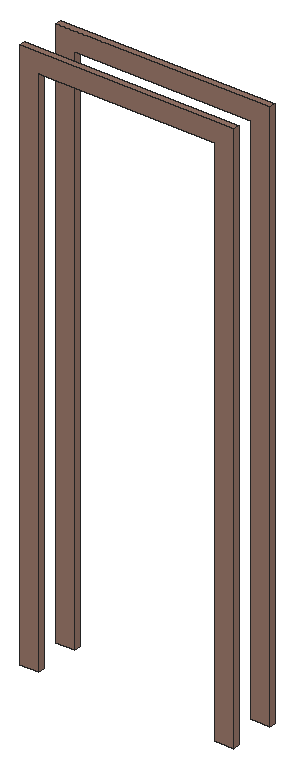
Revit family
Parameters (values of type "700 x 2134mm")
  Thickness = 51.00 mm
  Function = (empty or 0)
  Door Material = Door - Panel
  Frame Material = Door - Frame
  Height = 2134.00 mm
  Trim Projection Ext = 25.00 mm
  Trim Projection Int = 25.00 mm
  Trim Width = 76.00 mm
  Wall Closure = (empty or 0)
  Width = 700.00 mm
  Assembly Code = ""
Reference planes
  plane 1: y = 0
  plane 2: z = 0
  plane 3: x = 0
  plane 4: x = -350
  plane 5: x = 350
  plane 6: z = 2134
Forms (mm)
  Extrusion 1, solid, material "Door - Frame" <- "Frame Material"
    sketch origin (-1524, -76.2, 0) x (1, 0, 0) y (0, 0, 1)
      loop
        line (1098, 2210) -> (1098, 0) -> (1174, 0) -> (1174, 2134) -> (1874, 2134) -> (1874, 0) -> (1950, 0) -> (1950, 2210) -> (1098, 2210)
    from 0 to 25
  Extrusion 2, solid, material "Door - Frame" <- "Frame Material"
    sketch origin (-1524, 76.2, 0) x (-1, 0, 0) y (0, 0, 1)
      loop
        line (-1950, 2210) -> (-1950, 0) -> (-1874, 0) -> (-1874, 2134) -> (-1174, 2134) -> (-1174, 0) -> (-1098, 0) -> (-1098, 2210) -> (-1950, 2210)
    from 0 to 25
Lines and regions (mm)
  Opening 1
    outline origin (-1524, -76.2, 3657.6) x (0, 0, -1) y (1, 0, 0)
      loop
        line (1523.6, 1174) -> (3657.6, 1174) -> (3657.6, 1874) -> (1523.6, 1874) -> (1523.6, 1174)
  symbolic lines, style "DoorsPanelProjection"
    curve 1: line (350, 76.2, 0) -> (299, 76.2, 0)
    curve 2: line (350, 76.2, 0) -> (350, 776.036, 0)
    curve 3: line (350, 776.036, 0) -> (299, 776.036, 0)
    curve 4: line (299, 76.2, 0) -> (299, 776.036, 0)
  model lines, style "DoorsFrameMullionProjection"
    curve 5: line (-426, -76.2, 0) -> (-426, -76.2, 2210)
    curve 6: line (-426, -76.2, 2210) -> (426, -76.2, 2210)
    curve 7: line (426, -76.2, 2210) -> (426, -76.2, 0)
    curve 8: line (426, 76.2, 0) -> (426, 76.2, 2210)
    curve 9: line (-426, 76.2, 2210) -> (426, 76.2, 2210)
    curve 10: line (-426, 76.2, 2210) -> (-426, 76.2, 0)
  symbolic lines, style "Plan Swing"
    curve 11: arc (299, 776.036, 0) -> (-163.886, 553.999, 0) -> (-351.691, 76.2, 0) r 701.691
  symbolic lines, style "Elevation Swing"
    curve 12: line (-350, 0, 2134) -> (350, 0, 1067)
    curve 13: line (350, 0, 1067) -> (-350, 0, 0)
Dimensions and locks
  equal spacing: plane 4, plane 3, plane 5
  "Width": plane 4 to plane 5
  locked: host wall to curve 1
  control icon elem to plane 5 = 154.408 mm
  "Height": plane 6 to plane 2
  "Trim Width": plane 4 to curve 5
  "Trim Width": plane 5 to curve 7
  "Trim Width": plane 6 to curve 6
  locked: curve 9 to host wall
  "Trim Projection Ext": Extrusion 2 to host wall
  "Trim Projection Int": Extrusion 1 to host wall
  "Thickness": curve 4 to plane 5
  equal spacing: plane 6, curve 13, level
  aligned and locked: plane 2 to curve 5
  aligned and locked: curve 7 to level
  aligned and locked: curve 8 to curve 7
  aligned and locked: curve 6 to Extrusion 1 sketch curve
  aligned and locked: Extrusion 1 sketch curve to curve 5
  aligned and locked: Extrusion 1 sketch curve to curve 7
  aligned and locked: Extrusion 1 to Extrusion 2 sketch curve
  aligned and locked: Extrusion 2 sketch curve to Extrusion 1  (x2)
Automatic sketch dimensions
  curve 11 to host wall = 0.00 mm
  curve 2 to plane 5 = 0.00 mm
  curve 11 to plane 5 = 0.00 mm
  plane 4 to curve 11 = 1.691 mm
  curve 12 to plane 4 = 0.00 mm
  curve 12 to plane 6 = 0.00 mm
  curve 10 to level = 0.00 mm
  curve 8 to level = 0.00 mm
  curve 13 to level = 0.00 mm
  curve 13 to plane 4 = 0.00 mm
  curve 12 to plane 5 = 0.00 mm
  curve 9 to curve 5 = 0.00 mm
  curve 10 to curve 5 = 0.00 mm
  Opening 1 sketch curve to plane 5 = 0.00 mm
  Opening 1 sketch curve to plane 6 = 0.00 mm
  Opening 1 sketch curve to level = 0.00 mm
  Opening 1 sketch curve to plane 4 = 0.00 mm
  Extrusion 1 sketch curve to level = 0.00 mm  (x2)
  Extrusion 1 sketch curve to plane 4 = 0.00 mm
  Extrusion 1 sketch curve to plane 5 = 0.00 mm
  Extrusion 1 sketch curve to plane 6 = 0.00 mm
  Extrusion 2 sketch curve to plane 5 = 0.00 mm
  Extrusion 2 sketch curve to plane 4 = 0.00 mm
  Extrusion 2 sketch curve to level = 0.00 mm  (x2)
  Extrusion 2 sketch curve to plane 6 = 0.00 mm
